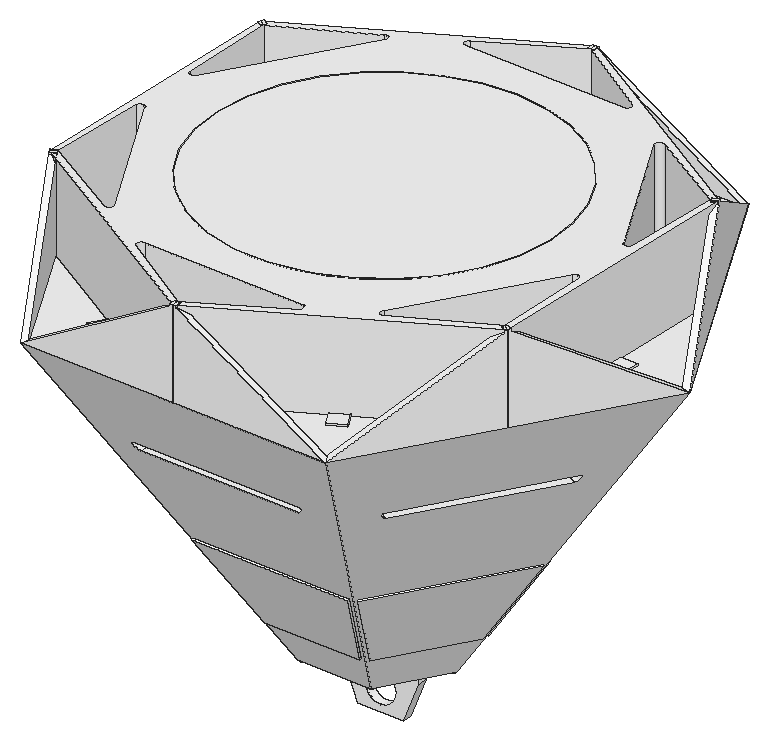
Revit family "LUXI_HIGH BAY LIGHT_PA", category Apparecchi per illuminazione, host Superficie, Revit 2016
Family settings
  Host = Superficie
  Tipo di parte = Normale
  Quota connettore circolare = Usa diametro
  Numero OmniClass = 23.80.70.00
  Titolo OmniClass = Lighting
  Taglio con vuoti quando caricato = No
  Sorgente d'illuminazione = Sì
  Condiviso = No
  Punto di calcolo locali = Sì
Parameters (values of type "HBPA150085W840D_120W")
  Weight = 6.70 kg
  Wattage = 120 W
  built-in parameter 1150103 = 151.472 W
  Warranty = "7 years"  # constant formula
  Variazione temperatura colore lampada con luminosità attenuata = <Nessuno>
  Uniclass 2015 description = "Lighting"  # constant formula
  Uniclass 2015 code = "EF_70_80"  # constant formula
  URL = "https://www.luxi.lighting/"
  built-in parameter 1150107 = 4000 (stored number, unit not read)
  Step MacAdam (SDCM) = "<4"  # constant formula
  Size = "Ø350x273"  # constant formula
  Review = "3"  # constant formula
  Rendi la forma visibile nel rendering = no
  Rated supply voltage = "220-240V AC / 50-60 Hz"  # constant formula
  Protection class = "I"  # constant formula
  Prospetto di default = 2000 mm
  Produttore = "Luxi Illuminazione S.r.l."  # constant formula
  Power supply = "Included"  # constant formula
  Power factor = "≥0,95 (typ.)"  # constant formula
  Photobiological risk group = "RG0"  # constant formula
  built-in parameter 1150110 = 1 (stored number, unit not read)
  built-in parameter 1150109 = 1 (stored number, unit not read)
  built-in parameter 1114218 = 1 (stored number, unit not read)
  built-in parameter 1150112 = 1 (stored number, unit not read)
  Optics = "Beam 85°"  # constant formula
  Operating temperature = "-40°C / +45°C"  # constant formula
  Modello = "PA Series| High Bay Light"  # constant formula
  built-in parameter 1150137 = 1
  built-in parameter 1150132 = 2
  Material 3 = Polycarbonate_Transparent
  Material 2 = Polycarbonate
  Material 1 = Aluminum_White
  Masterformat 2016 description = "Lighting"  # constant formula
  Masterformat 2016 code = "26.50.00"  # constant formula
  Light source = "LED SMD"  # constant formula
  Light distribution = "90% downlight / 10% luce edge light"  # constant formula
  Lifetime = "L70B20 50.000h"  # constant formula
  built-in parameter 1150105 = 1790.5 (stored number, unit not read)
  built-in parameter 1150102 = (empty or 0)
  Installation = "Suspended"  # constant formula
  Impact rating = "IK10 (20 Joule)"  # constant formula
  built-in parameter 1150106 = 17.905 (stored number, unit not read)
  IFCExportAs = "IfcLightFixtureType"  # constant formula
  H = 273 mm  # constant formula
  Lumens = 22500 lm
  Color Filter = 16777215
  File diagramma fotometrico = "HBPA150085W840D Luxi SERIE PA 150W 4000K 120W.IES"
  built-in parameter 1114217 = 1 (stored number, unit not read)
  built-in parameter 1150139 = (empty or 0)
  Energy class = "A+"  # constant formula
  Emetti da diametro cerchio = 190 mm  # constant formula
  built-in parameter 1150104 = 13.8 (stored number, unit not read)
  Dust and water protection rating = "IP 65 (front)"  # constant formula
  built-in parameter 1150115 = 1 (stored number, unit not read)
  built-in parameter 1150114 = 1 (stored number, unit not read)
  built-in parameter 1150113 = 1 (stored number, unit not read)
  Dimming = "1-10V"  # constant formula
  Diameter = 350 mm  # constant formula
  Descrizione = "LED Projector"  # constant formula
  built-in parameter 1150134 = 12
  built-in parameter 1150138 = (empty or 0)
  Color = "White"  # constant formula
  Code = "HBPA150085W840D"
  Certifications = "CE / RohS"  # constant formula
  Ceiling distance [instance] = 500 mm
  Carico apparente = Wattage  # 120 VA
  CRI = "≥80 (typ.)"  # constant formula
  Tilt Angle = -90.00°
  built-in parameter 1150133 = 10 (stored number, unit not read)
Types (2, lengths in mm): name | Material 2
  HBPA150085W840D | Polycarbonate_Transparent
  HBPA150085W840D_120W | Polycarbonate
Reference planes
  plane 1 "Centro (Fronte/Retro)": y = 0
  plane 2: z = 0
  plane 3 "Centro (Sinistra/Destra)": x = 0
  plane 4: z = 500
  plane 5: z = 774.264
Dimensions and locks
  "Ceiling distance": plane 4 to host face
  locked: plane 5 to plane 4 at 274.264
  aligned and locked: plane 2 to host face
  aligned and locked: level to host face
  aligned and locked: plane 5 to imposter light
Automatic sketch dimensions
  host sketch curve to host sketch curve = 2438.4 mm  (x2)
Nested families
  nested 1: "PAGenericModel" at (0, 0, 500), type "PAGenericModel"
  nested 2: "PaDET" at (0, 0, 0), type "PaDET"
Connectors
  electrical at (0, 0, 528.596), driven by "Wattage"
    settings: on nested 1, index 1, voltage 230 V, apparent load 0 VA, apparent load phase1 120 VA, apparent load phase2 0 VA, apparent load phase3 0 VA, power factor 1, load classification "Altro", number of poles 1, system type 31, power factor state 1, is connector primary yes, connector utility no, sub classification motor no, connector description ""
Definition of nested family "PAGenericModel"
  Parameters (values of type "PAGenericModel")
    Default Elevation = 0 mm
  Reference planes
    plane 1 "Centro (Fronte/Retro)": y = 0
    plane 2: z = 0
    plane 3 "Centro (Sinistra/Destra)": x = 0
  Forms (mm)
    Extrusion 1, solid
      sketch origin (0, 0, 0) x (1, 0, 0) y (0, 1, 0)
        loop
          line (-1219.2, 1219.2) -> (-1219.2, -1219.2) -> (1219.2, -1219.2) -> (1219.2, 1219.2) -> (-1219.2, 1219.2)
      from 0 to -304.8
    SweptBlend 2, solid
      path origin (0, 0, -2) x (1, 0, 0) y (0, 0, 1)
        loop
          line (0, 35.827) -> (0, 226.065)
      profile origin (0, 0, 33.827) x (-1, 0, 0) y (0, -1, 0)
        loop
          line (41.533, 0) -> (20.767, 35.969) -> (-20.767, 35.969) -> (-41.533, 0) -> (-20.767, -35.969) -> (20.767, -35.969) -> (41.533, 0)
      end profile origin (0, 0, 224.065) x (-1, 0, 0) y (0, -1, 0)
        loop
          line (174.999, 0) -> (87.5, 151.554) -> (-87.5, 151.554) -> (-174.999, 0) -> (-87.5, -151.554) -> (87.5, -151.554) -> (174.999, 0)
    Extrusion 3, solid
      sketch origin (0, 0, -2) x (1, 0, 0) y (0, 1, 0)
        loop
          line (0, 151.554) -> (-131.25, 75.777) -> (-131.25, -75.777) -> (0, -151.554) -> (131.25, -75.777) -> (131.25, 75.777) -> (0, 151.554)
      from 226.065 to 276.264
    Extrusion 4, solid
      sketch origin (0, 151.554, -2) x (1, 0, 0) y (0, 0, 1)
        loop
          line (0, 276.264) -> (-1.493, 276.264) -> (-1.493, 275.269) -> (-87.375, 226.065) -> (0, 226.065) -> (87.375, 226.065) -> (1.493, 275.269) -> (1.493, 276.264) -> (0, 276.264)
      from 0 to 3.5
    Extrusion 5, solid
      sketch origin (-131.25, 75.777, -2) x (0.5, 0.866025, 0) y (0, 0, 1)
        loop
          line (0, 276.264) -> (-1.493, 276.264) -> (-1.493, 275.269) -> (-87.5, 226.065) -> (0, 226.065) -> (87.5, 226.065) -> (1.493, 275.269) -> (1.493, 276.264) -> (0, 276.264)
      from 0 to 3.5
    Extrusion 6, solid
      sketch origin (-131.25, -75.777, -2) x (-0.5, 0.866025, 0) y (0, 0, 1)
        loop
          line (0, 276.264) -> (-1.493, 276.264) -> (-1.493, 275.269) -> (-87.5, 226.065) -> (0, 226.065) -> (87.5, 226.065) -> (1.493, 275.269) -> (1.493, 276.264) -> (0, 276.264)
      from 0 to 3.5
    Extrusion 7, solid
      sketch origin (128.218, 74.027, -2) x (-0.5, 0.866025, 0) y (0, 0, 1)
        loop
          line (0, 276.264) -> (-1.493, 276.264) -> (-1.493, 275.269) -> (-87.5, 226.065) -> (0, 226.065) -> (87.5, 226.065) -> (1.493, 275.269) -> (1.493, 276.264) -> (0, 276.264)
      from 0 to 3.5
    Extrusion 8, solid
      sketch origin (128.218, -74.027, -2) x (0.5, 0.866025, 0) y (0, 0, 1)
        loop
          line (0, 276.264) -> (-1.493, 276.264) -> (-1.493, 275.269) -> (-87.5, 226.065) -> (0, 226.065) -> (87.5, 226.065) -> (1.493, 275.269) -> (1.493, 276.264) -> (0, 276.264)
      from 0 to 3.5
    Extrusion 9, solid
      sketch origin (0, -148.054, -2) x (1, 0, 0) y (0, 0, 1)
        loop
          line (0, 276.264) -> (-1.493, 276.264) -> (-1.493, 275.269) -> (-87.375, 226.065) -> (0, 226.065) -> (87.375, 226.065) -> (1.493, 275.269) -> (1.493, 276.264) -> (0, 276.264)
      from 0 to 3.5
    Extrusion 10, solid
      sketch origin (0, 0, -2) x (-0.5, -0.866025, 0) y (0, 0, 1)
        loop
          line (-41.533, 35.827) -> (-22.011, 30.596) -> (0, 30.596) -> (22.011, 30.596) -> (41.533, 35.827) -> (0, 35.827) -> (-41.533, 35.827)
      from -1.8 to 1.8
    Extrusion 11, solid
      sketch origin (0, 0, -2) x (0.5, -0.866025, 0) y (0, 0, -1)
        loop
          line (-41.533, -35.827) -> (0, -35.827) -> (41.533, -35.827) -> (22.011, -30.596) -> (0, -30.596) -> (-22.011, -30.596) -> (-41.533, -35.827)
      from -1.8 to 1.8
    Revolve 12, solid
      sketch origin (0, 0, -2) x (1, 0, 0) y (0, 0, 1)
        loop
          line (-22.011, 30.596) -> (0, 30.596) -> (0, 35.827) -> (-22.011, 35.827) -> (-22.011, 30.596)
        axis (0, 35.827) -> (0, 30.596)
      angle from 0 to 360
    Extrusion 13, void
      sketch origin (0, 0, -2) x (1, 0, 0) y (0, 1, 0)
        loop
          circle (0, 0) r 95
        loop
          arc (-46.59, 119.851) -> (-47.709, 117.02) -> (-45.284, 115.18) r 2.518
          line (-45.284, 115.18) -> (45.284, 115.18)
          arc (45.284, 115.18) -> (47.71, 117.022) -> (46.586, 119.853) r 2.518
          line (46.586, 119.853) -> (-0.098, 148.049) -> (-46.59, 119.851)
        loop
          line (-80.499, 100.274) -> (-128.165, 74.109) -> (-127.089, 19.582)
          arc (-127.089, 19.582) -> (-125.199, 17.193) -> (-122.391, 18.373) r 2.518
          line (-122.391, 18.373) -> (-77.106, 96.807)
          arc (-77.106, 96.807) -> (-77.488, 99.827) -> (-80.499, 100.274) r 2.518
        loop
          arc (-80.499, -100.274) -> (-77.488, -99.827) -> (-77.106, -96.807) r 2.518
          line (-77.106, -96.807) -> (-122.391, -18.373)
          arc (-122.391, -18.373) -> (-125.199, -17.193) -> (-127.089, -19.582) r 2.518
          line (-127.089, -19.582) -> (-128.165, -74.109) -> (-80.499, -100.274)
        loop
          line (127.089, 19.577) -> (128.263, 73.94) -> (80.503, 100.271)
          arc (80.503, 100.271) -> (77.489, 99.829) -> (77.106, 96.807) r 2.518
          line (77.106, 96.807) -> (122.391, 18.373)
          arc (122.391, 18.373) -> (125.197, 17.192) -> (127.089, 19.577) r 2.518
        loop
          arc (127.089, -19.577) -> (125.197, -17.192) -> (122.391, -18.373) r 2.518
          line (122.391, -18.373) -> (77.106, -96.807)
          arc (77.106, -96.807) -> (77.489, -99.829) -> (80.503, -100.271) r 2.518
          line (80.503, -100.271) -> (128.263, -73.94) -> (127.089, -19.577)
        loop
          line (-46.59, -119.851) -> (-0.098, -148.049) -> (46.586, -119.853)
          arc (46.586, -119.853) -> (47.71, -117.022) -> (45.284, -115.18) r 2.518
          line (45.284, -115.18) -> (-45.284, -115.18)
          arc (-45.284, -115.18) -> (-47.709, -117.02) -> (-46.59, -119.851) r 2.518
      from 226.065 to 276.264
    Extrusion 14, solid
      sketch origin (0, 0, -2) x (1, 0, 0) y (0, 1, 0)
        loop
          circle (0, 0) r 95
      from 226.065 to 276.264
    Extrusion 15, solid
      sketch origin (0, 0, 224.065) x (0, -1, 0) y (1, 0, 0)
        loop
          line (-113.665, 65.625) -> (-111.165, 69.955) -> (-119.826, 74.955) -> (-124.826, 66.295) -> (-116.165, 61.295) -> (-113.665, 65.625)
        loop
          line (-113.665, -65.625) -> (-116.165, -61.295) -> (-124.826, -66.295) -> (-119.826, -74.955) -> (-111.165, -69.955) -> (-113.665, -65.625)
        loop
          line (-0.174, -131.249) -> (-5.174, -131.243) -> (-5.187, -141.243) -> (4.813, -141.256) -> (4.826, -131.256) -> (-0.174, -131.249)
        loop
          line (0, 131.25) -> (5, 131.25) -> (5, 141.25) -> (-5, 141.25) -> (-5, 131.25) -> (0, 131.25)
        loop
          line (113.665, 65.625) -> (116.165, 61.295) -> (124.826, 66.295) -> (119.826, 74.955) -> (111.165, 69.955) -> (113.665, 65.625)
        loop
          line (113.752, -65.474) -> (111.258, -69.808) -> (119.925, -74.796) -> (124.913, -66.129) -> (116.246, -61.141) -> (113.752, -65.474)
      from 0 to 1
    Extrusion 16, void
      sketch origin (0, 0, -2) x (1, 0, 0) y (0, 0, 1)
        loop
          line (-49.303, 176.066) -> (-48.308, 175.268)
          arc (-48.308, 175.268) -> (-47.704, 172.47) -> (-45.319, 170.887) r 3.8
          line (-45.319, 170.887) -> (45.319, 170.887)
          arc (45.319, 170.887) -> (47.704, 172.47) -> (48.308, 175.268) r 3.8
          line (48.308, 175.268) -> (49.303, 176.066) -> (-49.303, 176.066)
      from -151.554 to 151.554
    Extrusion 17, void
      sketch origin (0, 0, -2) x (-0.5, -0.866025, 0) y (0, 0, -1)
        loop
          line (-49.303, -176.066) -> (49.303, -176.066) -> (48.308, -175.268)
          arc (48.308, -175.268) -> (47.704, -172.47) -> (45.319, -170.887) r 3.8
          line (45.319, -170.887) -> (-45.319, -170.887)
          arc (-45.319, -170.887) -> (-47.704, -172.47) -> (-48.308, -175.268) r 3.8
          line (-48.308, -175.268) -> (-49.303, -176.066)
      from -151.554 to 151.554
    Extrusion 18, void
      sketch origin (0, 0, -2) x (-0.5, 0.866025, 0) y (0, 0, 1)
        loop
          line (-49.303, 176.066) -> (-48.308, 175.268)
          arc (-48.308, 175.268) -> (-47.704, 172.47) -> (-45.319, 170.887) r 3.8
          line (-45.319, 170.887) -> (45.319, 170.887)
          arc (45.319, 170.887) -> (47.704, 172.47) -> (48.308, 175.268) r 3.8
          line (48.308, 175.268) -> (49.303, 176.066) -> (-49.303, 176.066)
      from -151.554 to 151.554
    Extrusion 19, solid
      sketch origin (-31.15, -17.984, 33.827) x (-0.5, 0.866025, 0) y (0.449684, 0.259625, -0.854622)
        loop
          line (-44.696, -86.784) -> (44.696, -86.784) -> (27.127, -28.179) -> (-27.127, -28.179) -> (-44.696, -86.784)
      from 0 to 1
    Extrusion 20, solid
      sketch origin (-31.15, 17.984, 33.827) x (-0.5, -0.866025, 0) y (-0.449684, 0.259625, 0.854622)
        loop
          line (-44.696, 86.784) -> (-27.127, 28.179) -> (27.127, 28.179) -> (44.696, 86.784) -> (-44.696, 86.784)
      from 0 to 1
    Extrusion 21, solid
      sketch origin (0, 35.969, 33.827) x (1, 0, 0) y (0, -0.519251, -0.854622)
        loop
          line (-44.696, -86.784) -> (44.696, -86.784) -> (27.127, -28.179) -> (-27.127, -28.179) -> (-44.696, -86.784)
      from 0 to 1
    Extrusion 22, solid
      sketch origin (31.15, 17.984, 33.827) x (-0.5, 0.866025, 0) y (0.449684, 0.259625, 0.854622)
        loop
          line (-44.696, 86.784) -> (-27.127, 28.179) -> (27.127, 28.179) -> (44.696, 86.784) -> (-44.696, 86.784)
      from 0 to 1
    Extrusion 23, solid
      sketch origin (31.15, -17.984, 33.827) x (-0.5, -0.866025, 0) y (-0.449684, 0.259625, -0.854622)
        loop
          line (-44.696, -86.784) -> (44.696, -86.784) -> (27.127, -28.179) -> (-27.127, -28.179) -> (-44.696, -86.784)
      from 0 to 1
    Extrusion 24, solid
      sketch origin (0, 0, -2) x (1, 0, 0) y (0, 0, 1)
        loop
          line (-22.011, 30.596) -> (-22.011, 23.505) -> (-13.084, 2) -> (0, 2) -> (13.084, 2) -> (22.011, 23.505) -> (22.011, 30.596) -> (0, 30.596) -> (-22.011, 30.596)
        loop
          circle (0, 14.541) r 8.964
      from -2.5 to 2.5
    Extrusion 25, void
      sketch origin (0, 0, 474.065) x (0, -1, 0) y (1, 0, 0)
        loop
          line (-35.969, -20.767) -> (0, -41.533) -> (35.969, -20.767) -> (35.969, 20.767) -> (0, 41.533) -> (-35.969, 20.767) -> (-35.969, -20.767)
        loop
          line (-40.912, -23.621) -> (0, -47.242) -> (40.912, -23.621) -> (40.912, 23.621) -> (0, 47.242) -> (-40.912, 23.621) -> (-40.912, -23.621)
      from -476.065 to -440.238
    Extrusion 26, solid
      sketch origin (0, 0, -2) x (1, 0, 0) y (0, 0, 1)
        loop
          line (-41.533, 35.827) -> (-22.011, 30.596) -> (0, 30.596) -> (22.011, 30.596) -> (41.533, 35.827) -> (0, 35.827) -> (-41.533, 35.827)
      from -1.8 to 1.8
    Extrusion 27, solid
      sketch origin (0, -35.969, 33.827) x (1, 0, 0) y (0, -0.519251, 0.854622)
        loop
          line (-44.696, 86.784) -> (-27.127, 28.179) -> (27.127, 28.179) -> (44.696, 86.784) -> (-44.696, 86.784)
      from 0 to 1
  Cuts and joins
    Extrusion 13 cuts Extrusion 3
    Extrusion 16, Extrusion 17, Extrusion 18 cuts SweptBlend 2
    Extrusion 25 cuts Revolve 12
    Extrusion 25 cuts Extrusion 11
    Extrusion 25 cuts Extrusion 10
    Extrusion 25 cuts Extrusion 26
  Dimensions and locks
    aligned and locked: plane 2 to Extrusion 1
    aligned and locked: level to Extrusion 1
Definition of nested family "PaDET"
  Reference planes
    plane 1 "Centro (Fronte/Retro)": y = 0
    plane 2: z = 0
    plane 3 "Centro (Sinistra/Destra)": x = 0
  Lines and regions (mm)
    detail lines, in view "Livello rif."
      curve 1: circle (0, 0, 0) r 95 normal (0, 0, 1)
      curve 2: line (-87.469, 151.5, 0) -> (-174.937, 0, 0)
      curve 3: line (-174.937, 0, 0) -> (-87.469, -151.5, 0)
      curve 4: line (-87.469, -151.5, 0) -> (87.469, -151.5, 0)
      curve 5: line (87.469, -151.5, 0) -> (174.937, 0, 0)
      curve 6: line (174.937, 0, 0) -> (87.469, 151.5, 0)
      curve 7: line (87.469, 151.5, 0) -> (-87.469, 151.5, 0)
      curve 8: line (0, 151.5, 0) -> (-131.203, 75.75, 0)
      curve 9: line (-131.203, 75.75, 0) -> (-131.203, -75.75, 0)
      curve 10: line (-131.203, -75.75, 0) -> (0, -151.5, 0)
      curve 11: line (0, -151.5, 0) -> (131.203, -75.75, 0)
      curve 12: line (131.203, -75.75, 0) -> (131.203, 75.75, 0)
      curve 13: line (131.203, 75.75, 0) -> (0, 151.5, 0)
      curve 14: line (-57.158, -114.459, 0) -> (0, -147.459, 0)
      curve 15: line (0, -147.459, 0) -> (57.158, -114.459, 0)
      curve 16: line (57.158, -114.459, 0) -> (-57.158, -114.459, 0)
      curve 17: line (-70.545, -106.729, 0) -> (-127.703, -73.729, 0)
      curve 18: line (-127.703, -73.729, 0) -> (-127.703, -7.729, 0)
      curve 19: line (-127.703, -7.729, 0) -> (-70.545, -106.729, 0)
      curve 20: line (-70.545, 106.729, 0) -> (-127.703, 73.729, 0)
      curve 21: line (-127.703, 73.729, 0) -> (-127.703, 7.729, 0)
      curve 22: line (-127.703, 7.729, 0) -> (-70.545, 106.729, 0)
      curve 23: line (-57.158, 114.459, 0) -> (0, 147.459, 0)
      curve 24: line (0, 147.459, 0) -> (57.158, 114.459, 0)
      curve 25: line (57.158, 114.459, 0) -> (-57.158, 114.459, 0)
      curve 26: line (127.703, 7.729, 0) -> (127.703, 73.729, 0)
      curve 27: line (127.703, 73.729, 0) -> (70.545, 106.729, 0)
      curve 28: line (70.545, 106.729, 0) -> (127.703, 7.729, 0)
      curve 29: line (127.703, -7.729, 0) -> (127.703, -73.729, 0)
      curve 30: line (127.703, -73.729, 0) -> (70.545, -106.729, 0)
      curve 31: line (70.545, -106.729, 0) -> (127.703, -7.729, 0)
